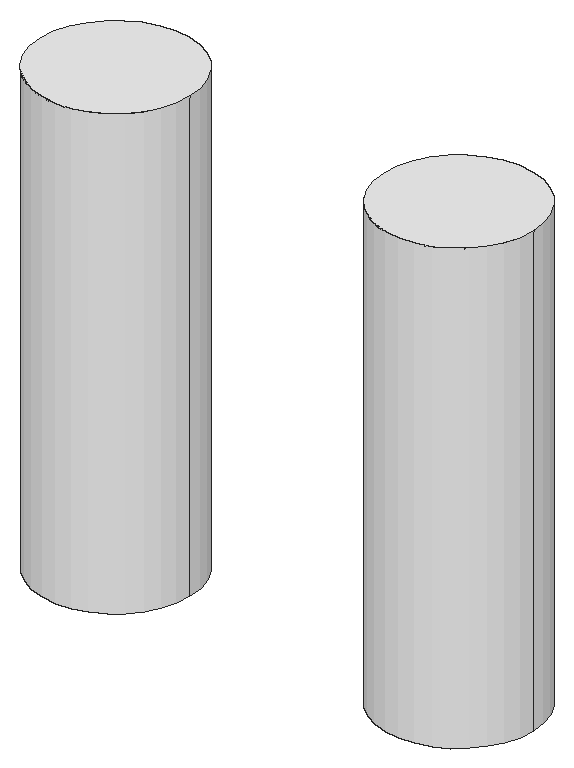
Revit family "46012206", category Plumbing Fixtures, Revit 2018
Family settings
  Round Connector Dimension = Use Diameter
  Part Type = Normal
  OmniClass Number = 23.45.55.00
  OmniClass Title = Sanitary Faucets, Wastes
  Work Plane-Based = No
  Always vertical = Yes
  Cut with Voids When Loaded = No
  Shared = No
  Room Calculation Point = No
Parameters (values of type "46012206 Washbasin faucet ")
  WorkingPressure = "50 - 1000 kPa"
  Working Pressure = "50 - 1000 kPa"
  WarrantyStartDate [instance] = "n/a"
  WarrantyGuarantorParts = "n/a"
  WarrantyGuarantorLabor = "n/a"
  WarrantyDurationUnit = "Year"
  WarrantyDurationParts = "n/a"
  WarrantyDurationLabor = "n/a"
  WarrantyDescription = "http://warranty.hansa.com"
  Warranty Information URL = "http://warranty.hansa.com"
  VersionDate = "01/07/2022"
  Version = "3"  # constant formula
  ValvePattern = "n/a"
  ValveOperation = "n/a"
  ValveMechanism = "n/a"
  Uniclass2015Reference = "Pr_40_20_87_96"
  Uniclass2015Description = "Washbasin manual water supply sets"
  Uniclass2 = "Pr_40_30_96_96"
  URL REACH = "http://static.hansa.com/doc/reach"
  URL Declaration of Conformity = "http://static.hansa.com/DoC/46012206"
  URL ABP = "http://static.hansa.com/ABP/46012206"
  URL = ""
  UNSPSC Class Number = "30181700 Faucets or taps"
  TestPressure = "n/a"
  Temperature Adjustments = "Limitation option for maximum temperature and flow-rate ;Adjustable hot water stop (included, retrofittable)"
  Technical DataSheet URL = "http://www.hansa.com/datasheet/46012206/en"
  TagNumber [instance] = "n/a"
  SustainabilityPerformance = "n/a"
  Surface treatment = "Chrome"
  Spout Type = "Fixed spout"
  Spout Projection = "114 mm"
  Spare-Part Information URL = "http://static.hansa.com/sp/46012206"
  Size = "50x168x178 mm"
  Shape = "Sculptured"
  SerialNumber [instance] = "n/a"
  Sales Package dimensions (LxWxH) = "380 x 180 x 74"
  Revision = "2"  # constant formula
  ReplacementCost = "n/a"
  ProductInformation = "n/a"
  Product URL = "http://static.hansa.com/46012206"
  Product Image URL = "http://static.hansa.com/image/46012206"
  Product Family = "HANSACARE "
  Product Code = "46012206"
  Pressure Loss With Flow 01ls = 200000.0 Pa
  OperatingMechanismMaterial = "n/a"
  NominalWidth = 49.474 mm
  NominalHeight = 177.6 mm
  NominalDepth = 167.629 mm
  Noise Class = "I (ISO 3822)"
  Name_en = "46012206 Washbasin faucet"
  Name = "46012206 Washbasin faucet"
  NBSReference = "45-35-70/371"
  NBSDescription = "Water supply fittings for wash basins and troughs"
  Mounting Holes = "1 hole"
  ModelReference = "46012206"
  ModelNumber = "n/a"
  Model = "46012206 Washbasin faucet"
  Mobile Product Information URL = "http://mpi.hansa.com/46012206"
  Mechanical Parts = "ø 40 mm ceramic cartridge for flow and temperature control"
  Max. Hot Water Supply = 70 °C
  Material = "Brass"
  Market = "International;Germany;Austria;Belgium;Netherlands;France;Czech Republic;Slovakia;Italy;Spain"
  ManufacturerURL = "http://www.hansa.com"
  ManufacturerName = "HANSA"
  Manufacturer = "HANSA"
  Lever Handle = "Long shape;Single operating lever/handle;Hot/Cold symbols"
  Interactive AR View URL = "https://static.hansa.com/AR/46012206"
  InstallationDate [instance] = "n/a"
  Installation and Maintenance Guide URL = "http://static.hansa.com/manual/46012206"
  Installation Type = "Deck mounted"
  InletConnectionSize = 10 mm
  IfcExportType = "FAUCET"  # constant formula
  IfcExportAs = "IfcValveType"  # constant formula
  Group = "Washbasin faucet"
  Grade = "n/a"
  FlowCoefficient = 0
  Flow Rate At 300kPa With Flow Controller = 0.01 L/s
  Flow Drawing URL = "http://static.hansa.com/flowchart/46012206"
  Finish = "Polished"
  Features = "Single-lever"
  FaucetMainMaterial = Brass
  FDV Document URL = "http://www.hansa.com/datasheet/46012206/en/fdv"
  Extensions = "Pop-up waste with draw-rod"
  ExpectedLife = "n/a"
  ETIM Class Number = "EC011328 Washbasin mixing tap"
  EN Standard = "EN 817"
  EAN Number = "4057304010767"
  DurationUnit = "Year"
  Dimension Drawing URL = "http://static.hansa.com/dimdrw/46012206"
  Description = ""
  DefaultElevation [instance] = 900 mm
  Constituents = "n/a"
  Connection Size = "G3/8"
  Connection = "Flexible inlet pipes"
  Color = "Chrome"
  CodePerformance = "n/a"
  CloseOffRating = 0
  Category = "Health & Care"
  Catalog Drawing URL = "http://static.hansa.com/catdrw/46012206"
  Brand = "HANSA"
  BodyMaterial = "Brass"
  Barcode [instance] = "n/a"
  Backflow Prevention EN1717 = "AA"
  BIMObjectName = "46012206"
  Author = "BIMStone"
  AssetType = "Fixed"
  AssetIdentifier [instance] = "n/a"
  Approval ABP = "P-IX 29684/IA"
  Ambience photo = "http://static.hansa.com/ambience/46012206"
  Aerator = "PCA® - constant flow rate regardless of pressure variations;Standard aerator"
  Advanced Features = "Inner body made of DZR brass;3S-installation system for safe and simple mounting"
  AccessibilityPerformance = "n/a"
  3D View = "https://static.hansa.com/3D/46012206"
  2D/3D/BIM Files URL = "http://static.hansa.com/bim/46012206"
Reference planes
  plane 1 "Center (Front/Back)": y = 0
  plane 2: z = 0
  plane 3 "Center (Left/Right)": x = 0
  plane 4: x = -24.737
  plane 5: z = 900
  plane 6: z = 870
  plane 7: y = -167.629
  plane 8: x = 24.737
  plane 9: z = 1077.6
Forms (mm)
  Extrusion 1, solid, material "Brass" <- "FaucetMainMaterial"
    sketch origin (-44.989, -3.686, 0) x (1, 0, 0) y (0, 1, 0)
      loop
        circle (33.489, -36) r 5
      loop
        circle (56.489, -36) r 5
    from 870 to 900
Dimensions and locks
  "DefaultElevation": plane 5 to level
  locked: plane 5 to plane 6 at 30
  "NominalDepth": plane 7 to plane 1 "Center (Front/Back)"
  "NominalHeight": plane 9 to plane 5
  equal spacing: plane 4, plane 3 "Center (Left/Right)", plane 8
  "NominalWidth": plane 4 to plane 8
  "InletConnectionSize": diameter of Extrusion 1 sketch curve  (x2)
  aligned and locked: level to plane 2
  aligned and locked: plane 5 to Extrusion 1
  aligned and locked: Extrusion 1 to plane 6
  aligned and locked: nested 2 to plane 5
Automatic sketch dimensions
  Extrusion 1 sketch curve to plane 3 "Center (Left/Right)" = 11.5 mm
  plane 3 "Center (Left/Right)" to Extrusion 1 sketch curve = 11.5 mm
  plane 1 "Center (Front/Back)" to Extrusion 1 sketch curve = 39.686 mm  (x2)
Nested families
  nested 1: "Symbol" at (0, 0, 0), type "Symbol", detail levels coarse
  nested 2: "46012206_p" at (0, 0, 900), Main <- "FaucetMainMaterial", type "46012206_p"
    with Main Brass
Connectors
  piping at (-11.5, -39.686, 870), diameter 10, driven by "InletConnectionSize"
    settings: on Extrusion 1, index 1, connector inside diameter 609.6 mm, connector length 0 mm, flow factor 0, pipe flow 0.1 L/s, pressure drop 0.0 Pa, fitting loss kfactor 0, connector angle 0.00°, fixture units 0, engagement length 0 mm, angle of deflection 0.00°, flow configuration 1, flow direction 1, fitting loss method 0, system type 19, joint type 0, gender type 0, connector reference index -1, connector utility 0, adjustable connector no, is connector primary yes, connector description ""
  piping at (11.5, -39.686, 870), diameter 10, driven by "InletConnectionSize"
    settings: on Extrusion 1, index 2, connector inside diameter 609.6 mm, connector length 0 mm, flow factor 0, pipe flow 0.1 L/s, pressure drop 0.0 Pa, fitting loss kfactor 0, connector angle 0.00°, fixture units 0, engagement length 0 mm, angle of deflection 0.00°, flow configuration 1, flow direction 1, fitting loss method 0, system type 20, joint type 0, gender type 0, connector reference index -1, connector utility 0, adjustable connector no, is connector primary no, connector description ""
Definition of nested family "Symbol"
  Reference planes
    plane 1: y = 0
    plane 2: x = 0
  Lines and regions (mm)
    detail lines
      curve 1: line (0, 0, 0) -> (0, -1.8, 0)
      curve 2: line (-0.4, -1.1, 0) -> (0.4, -1.1, 0)
      curve 3: line (-0.4, -1.4, 0) -> (0.4, -1.4, 0)
      curve 4: line (0.863, 0, 0) -> (-0.863, 0, 0)
      curve 5: circle (-1.163, 0, 0) r 0.3 normal (0, 0, -1)
      curve 6: circle (1.163, 0, 0) r 0.3 normal (0, 0, 1)
